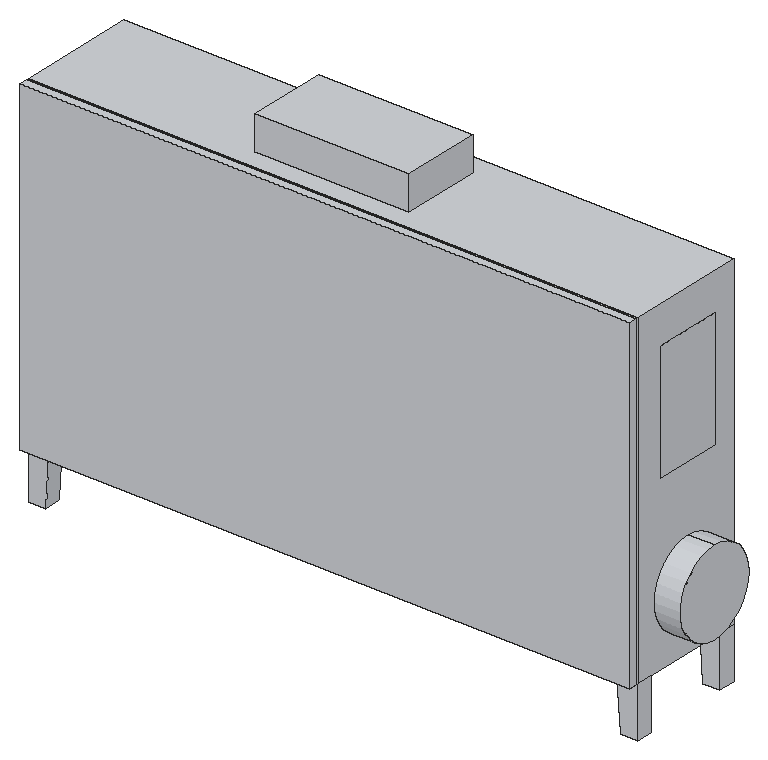
Revit family "AHU 2 _2", category Mechanické zařízení, Revit 2018
Family settings
  Kóta kulaté spojky = Použít průměr
  Typ dílu = Normální
  Číslo OmniClass = 23.75.00.00
  Nadpis OmniClass = Climate Control (HVAC)
  Založené na pracovní rovině = Ne
  Vždy vertikální = Ano
  Ořezat dutým tvarem při načtení = Ne
  Sdílené = Ne
  Bod výpočtu místnosti = Ne
Parameters (values of type "DUPLEXVENT 800 Multi Eco")
  Width [instance] = 0.384 mm
  Weight [instance] = 114.00 kg
  URL = ""
  Type [instance] = "DUPLEXVENT 800 Multi Eco"
  Total_SFP [instance] = 0
  Supply_outlet_hum [instance] = 90
  Supply_inlet_hum [instance] = 90
  Supply_ext_pressure [instance] = 0.0 Pa
  Supply_SFP [instance] = 0
  Source_adu_file [instance] = ""
  Recuperation_type [instance] = "Plate heat recovery exchanger"
  Recuperation_efficiency_EN308 [instance] = 0
  Project_name [instance] = ""
  Project_date [instance] = "10.8.2023"
  Power_supply_fusing [instance] = "0"
  Power_supply_cable [instance] = "0"
  Position [instance] = "AHU 2 "
  Phases_count [instance] = 1
  Panel_thickness [instance] = 0.06 mm
  Outer_surface [instance] = "RAL 9002"
  Length [instance] = 1.8 mm
  Insulation_type [instance] = "PUR"
  Insulation_thickness [instance] = 0.05 mm
  Installation_environment [instance] = ""
  Input_power_max [instance] = 770 W
  Inner_surface [instance] = "Pozink"
  I2 [instance] = I1  # 0.0 L/s
  Height [instance] = 0.97 mm
  Exhaust_outlet_hum [instance] = 40
  Exhaust_inlet_hum [instance] = 40
  Exhaust_ext_pressure [instance] = 0.0 Pa
  Exhaust_SFP [instance] = 0
  E1 [instance] = E2 - M1  # 0.0 L/s
  E2 [instance] = 0.0 L/s
  I1 [instance] = 0.0 L/s
  Description = ""
  M1 [instance] = 0.0 L/s
  Device_dutypoint_version [instance] = "0"
  Device_design_version [instance] = "9"
  Device_adu_id [instance] = "2"
  Current_max [instance] = 5 A
  Casing_mat [instance] = "painted zinc layer"
  Cable type [instance] = "CYKY 3Jx2,5"
Reference planes
  plane 1 "Střed (vpředu/vzadu)": y = 0
  plane 2 "ref": z = 0
  plane 3 "Střed (vlevo/vpravo)": x = 0
Forms (mm)
  Sweep 1, solid
    path origin (0, 0, 0) x (0, 0, 1) y (1, 0, 0)
      loop
        line (0, 0) -> (970, 0)
    profile origin (0, 0, 0) x (1, 0, 0) y (0, 1, 0)
      loop
        line (0, 0) -> (1800, 0) -> (1800, 354) -> (0, 354) -> (0, 0)
  Sweep 2, solid
    path origin (0, 0, 0) x (0, 0, 1) y (1, 0, 0)
      loop
        line (0, 0) -> (970, 0)
    profile origin (0, 0, 0) x (1, 0, 0) y (0, 1, 0)
      loop
        line (0, 0) -> (0, -30) -> (1800, -30) -> (1800, 0) -> (0, 0)
  Sweep 3, solid
    path origin (0, 184, 190) x (0, 0, -1) y (1, 0, 0)
      loop
        line (0, 0) -> (0, -60)
    profile origin (0, 184, 190) x (0, 0, -1) y (0, -1, 0)
      loop
        circle (0, 0) r 125
  Sweep 4, solid
    path origin (1799, 184, 684) x (1, 0, 0) y (0, 1, 0)
      loop
        line (0, 0) -> (1, 0)
    profile origin (1799, 184, 684) x (0, 1, 0) y (0, 0, 1)
      loop
        line (-100, 175) -> (-100, -175) -> (100, -175) -> (100, 175) -> (-100, 175)
  Sweep 5, solid
    path origin (1800, 184, 190) x (0, 0, -1) y (1, 0, 0)
      loop
        line (0, 0) -> (0, 80)
    profile origin (1800, 184, 190) x (0, 0, 1) y (0, -1, 0)
      loop
        circle (0, 0) r 125
  Sweep 6, solid
    path origin (1, 184, 664) x (0, 1, 0) y (-1, 0, 0)
      loop
        line (0, 0) -> (0, 1)
    profile origin (1, 184, 664) x (0, -1, 0) y (0, 0, 1)
      loop
        line (-100, -175) -> (100, -175) -> (100, 175) -> (-100, 175) -> (-100, -175)
  Sweep 7, solid
    path origin (537, 308, 0) x (0, -1, 0) y (0, 0, 1)
      loop
        line (0, 0) -> (0, -50)
    profile origin (537, 308, 0) x (-1, 0, 0) y (0, -1, 0)
      loop
        circle (0, 0) r 16
  Sweep 8, solid
    path origin (0, 0, 0) x (0, 0, 1) y (1, 0, 0)
      loop
        line (0, 0) -> (970, 0)
    profile origin (0, 0, 0) x (1, 0, 0) y (0, 1, 0)
      loop
        line (0, -30) -> (1800, -30) -> (1800, -5) -> (0, -5) -> (0, -30)
  Sweep 9, solid
    path origin (25, 50, 0) x (1, 0, 0) y (0, 1, 0)
      loop
        line (0, 0) -> (0, -50)
    profile origin (25, 50, 0) x (1, 0, 0) y (0, 0, 1)
      loop
        line (-25, 0) -> (-25, -150) -> (25, -150) -> (35, 0) -> (-25, 0)
  Sweep 10, solid
    path origin (1775, 50, 0) x (1, 0, 0) y (0, 1, 0)
      loop
        line (0, 0) -> (0, -50)
    profile origin (1775, 50, 0) x (1, 0, 0) y (0, 0, 1)
      loop
        line (-35, 0) -> (-25, -150) -> (25, -150) -> (25, 0) -> (-35, 0)
  Sweep 11, solid
    path origin (25, 354, 0) x (1, 0, 0) y (0, 1, 0)
      loop
        line (0, 0) -> (0, -50)
    profile origin (25, 354, 0) x (1, 0, 0) y (0, 0, 1)
      loop
        line (-25, 0) -> (-25, -150) -> (25, -150) -> (35, 0) -> (-25, 0)
  Sweep 12, solid
    path origin (1775, 354, 0) x (1, 0, 0) y (0, 1, 0)
      loop
        line (0, 0) -> (0, -50)
    profile origin (1775, 354, 0) x (1, 0, 0) y (0, 0, 1)
      loop
        line (-35, 0) -> (-25, -150) -> (25, -150) -> (25, 0) -> (-35, 0)
  Sweep 13, solid
    path origin (0, 0, 970) x (0, 0, 1) y (1, 0, 0)
      loop
        line (0, 0) -> (100, 0)
    profile origin (0, 0, 970) x (1, 0, 0) y (0, 1, 0)
      loop
        line (623, 59) -> (1077, 59) -> (1077, 294) -> (623, 294) -> (623, 59)
  Sweep 14, solid
    path origin (623, 177, 1020) x (0, 0, -1) y (1, 0, 0)
      loop
        line (0, 0) -> (0, -1)
    profile origin (623, 177, 1020) x (0, 0, -1) y (0, -1, 0)
      loop
        circle (0, 0) r 10
Lines and regions (mm)
  model lines, style "Symbol"
    curve 1: line (738, -30, 0) -> (738, -30, 194)
    curve 2: line (738, -30, 970) -> (738, -30, 776)
    curve 3: line (0, -30, 485) -> (447, -30, 485)
    curve 4: line (1800, -30, 485) -> (1029, -30, 485)
    curve 5: line (447, -30, 485) -> (593, -30, 776)
    curve 6: line (593, -30, 776) -> (883, -30, 776)
    curve 7: line (883, -30, 776) -> (1029, -30, 485)
    curve 8: line (1029, -30, 485) -> (883, -30, 194)
    curve 9: line (883, -30, 194) -> (738, -30, 194)
    curve 10: line (738, -30, 194) -> (593, -30, 194)
    curve 11: line (593, -30, 194) -> (447, -30, 485)
    curve 12: line (1587, -30, 797) -> (1742, -30, 770)
    curve 13: line (1587, -30, 658) -> (1742, -30, 685)
    curve 14: line (213, -30, 658) -> (58, -30, 685)
    curve 15: line (213, -30, 797) -> (58, -30, 770)
    curve 16: line (36, -30, 97) -> (36, -30, 388)
    curve 17: line (36, -30, 388) -> (144, -30, 388)
    curve 18: line (144, -30, 388) -> (144, -30, 97)
    curve 19: line (144, -30, 97) -> (36, -30, 97)
    curve 20: line (90, -30, 97) -> (144, -30, 242)
    curve 21: line (90, -30, 388) -> (144, -30, 242)
    curve 22: line (1764, -30, 388) -> (1764, -30, 97)
    curve 23: line (1764, -30, 97) -> (1656, -30, 97)
    curve 24: line (1656, -30, 97) -> (1656, -30, 388)
    curve 25: line (1656, -30, 388) -> (1764, -30, 388)
    curve 26: line (1710, -30, 388) -> (1656, -30, 242)
    curve 27: line (1710, -30, 97) -> (1656, -30, 242)
    curve 28: line (540, -30, 170) -> (408, -30, 429)
    curve 29: line (408, -30, 429) -> (451, -30, 451)
    curve 30: line (451, -30, 451) -> (583, -30, 192)
    curve 31: line (583, -30, 192) -> (540, -30, 170)
    curve 32: line (461, -30, 336) -> (478, -30, 388)
    curve 33: line (513, -30, 232) -> (530, -30, 285)
    curve 34: line (0, -930, 0) -> (0, -30, 0)
    curve 35: line (1800, -930, 0) -> (1800, -30, 0)
    curve 36: line (0, -930, 0) -> (1800, -930, 0)
    curve 37: line (0, -930, 970) -> (0, -30, 970)
    curve 38: line (1800, -930, 970) -> (1800, -30, 970)
    curve 39: line (0, -930, 970) -> (1800, -930, 970)
    curve 40: line (0, -930, 0) -> (0, -930, 970)
    curve 41: line (1800, -930, 0) -> (1800, -930, 970)
    curve 42: line (0, -930, 770) -> (200, -930, 970)
    curve 43: line (0, -930, 570) -> (400, -930, 970)
    curve 44: line (0, -930, 370) -> (600, -930, 970)
    curve 45: line (0, -930, 170) -> (800, -930, 970)
    curve 46: line (30, -930, 0) -> (1000, -930, 970)
    curve 47: line (230, -930, 0) -> (1200, -930, 970)
    curve 48: line (430, -930, 0) -> (1400, -930, 970)
    curve 49: line (630, -930, 0) -> (1600, -930, 970)
    curve 50: line (830, -930, 0) -> (1800, -930, 970)
    curve 51: line (1030, -930, 0) -> (1800, -930, 770)
    curve 52: line (1230, -930, 0) -> (1800, -930, 570)
    curve 53: line (1430, -930, 0) -> (1800, -930, 370)
    curve 54: line (1630, -930, 0) -> (1800, -930, 170)
    curve 55: line (1800, -930, 770) -> (1800, -730, 970)
    curve 56: line (1800, -930, 570) -> (1800, -530, 970)
    curve 57: line (1800, -930, 370) -> (1800, -330, 970)
    curve 58: line (1800, -930, 170) -> (1800, -130, 970)
    curve 59: line (1800, -900, 0) -> (1800, -30, 870)
    curve 60: line (1800, -700, 0) -> (1800, -30, 670)
    curve 61: line (1800, -500, 0) -> (1800, -30, 470)
    curve 62: line (1800, -300, 0) -> (1800, -30, 270)
    curve 63: line (1800, -100, 0) -> (1800, -30, 70)
    curve 64: line (0, -730, 970) -> (200, -930, 970)
    curve 65: line (0, -530, 970) -> (400, -930, 970)
    curve 66: line (0, -330, 970) -> (600, -930, 970)
    curve 67: line (0, -130, 970) -> (800, -930, 970)
    curve 68: line (100, -30, 970) -> (1000, -930, 970)
    curve 69: line (300, -30, 970) -> (1200, -930, 970)
    curve 70: line (500, -30, 970) -> (1400, -930, 970)
    curve 71: line (700, -30, 970) -> (1600, -930, 970)
    curve 72: line (900, -30, 970) -> (1800, -930, 970)
    curve 73: line (1100, -30, 970) -> (1800, -730, 970)
    curve 74: line (1300, -30, 970) -> (1800, -530, 970)
    curve 75: line (1500, -30, 970) -> (1800, -330, 970)
    curve 76: line (1700, -30, 970) -> (1800, -130, 970)
    curve 77: line (0, 0, 1710) -> (0, 0, 970)
    curve 78: line (1800, 0, 1710) -> (1800, 0, 970)
    curve 79: line (0, 0, 1710) -> (1800, 0, 1710)
    curve 80: line (0, 354, 1710) -> (0, 354, 970)
    curve 81: line (1800, 354, 1710) -> (1800, 354, 970)
    curve 82: line (0, 354, 1710) -> (1800, 354, 1710)
    curve 83: line (0, 0, 1710) -> (0, 354, 1710)
    curve 84: line (1800, 0, 1710) -> (1800, 354, 1710)
    curve 85: line (0, 154, 1710) -> (200, 354, 1710)
    curve 86: line (46, 0, 1710) -> (400, 354, 1710)
    curve 87: line (246, 0, 1710) -> (600, 354, 1710)
    curve 88: line (446, 0, 1710) -> (800, 354, 1710)
    curve 89: line (646, 0, 1710) -> (1000, 354, 1710)
    curve 90: line (846, 0, 1710) -> (1200, 354, 1710)
    curve 91: line (1046, 0, 1710) -> (1400, 354, 1710)
    curve 92: line (1246, 0, 1710) -> (1600, 354, 1710)
    curve 93: line (1446, 0, 1710) -> (1800, 354, 1710)
    curve 94: line (1646, 0, 1710) -> (1800, 154, 1710)
    curve 95: line (1800, 154, 1710) -> (1800, 354, 1510)
    curve 96: line (1800, 0, 1664) -> (1800, 354, 1310)
    curve 97: line (1800, 0, 1464) -> (1800, 354, 1110)
    curve 98: line (1800, 0, 1264) -> (1800, 294, 970)
    curve 99: line (1800, 0, 1064) -> (1800, 94, 970)
    curve 100: line (0, 354, 1510) -> (200, 354, 1710)
    curve 101: line (0, 354, 1310) -> (400, 354, 1710)
    curve 102: line (0, 354, 1110) -> (600, 354, 1710)
    curve 103: line (60, 354, 970) -> (800, 354, 1710)
    curve 104: line (260, 354, 970) -> (1000, 354, 1710)
    curve 105: line (460, 354, 970) -> (1200, 354, 1710)
    curve 106: line (660, 354, 970) -> (1400, 354, 1710)
    curve 107: line (860, 354, 970) -> (1600, 354, 1710)
    curve 108: line (1060, 354, 970) -> (1800, 354, 1710)
    curve 109: line (1260, 354, 970) -> (1800, 354, 1510)
    curve 110: line (1460, 354, 970) -> (1800, 354, 1310)
    curve 111: line (1660, 354, 970) -> (1800, 354, 1110)
    curve 112: line (0, 354, -150) -> (0, 354, 0)
    curve 113: line (1800, 354, -150) -> (1800, 354, 0)
    curve 114: line (0, 354, -150) -> (1800, 354, -150)
    curve 115: line (0, 0, -150) -> (0, 0, 0)
    curve 116: line (1800, 0, -150) -> (1800, 0, 0)
    curve 117: line (0, 0, -150) -> (1800, 0, -150)
    curve 118: line (0, 354, -150) -> (0, 0, -150)
    curve 119: line (1800, 354, -150) -> (1800, 0, -150)
    curve 120: line (0, 200, -150) -> (200, 0, -150)
    curve 121: line (46, 354, -150) -> (400, 0, -150)
    curve 122: line (246, 354, -150) -> (600, 0, -150)
    curve 123: line (446, 354, -150) -> (800, 0, -150)
    curve 124: line (646, 354, -150) -> (1000, 0, -150)
    curve 125: line (846, 354, -150) -> (1200, 0, -150)
    curve 126: line (1046, 354, -150) -> (1400, 0, -150)
    curve 127: line (1246, 354, -150) -> (1600, 0, -150)
    curve 128: line (1446, 354, -150) -> (1800, 0, -150)
    curve 129: line (1646, 354, -150) -> (1800, 200, -150)
    curve 130: line (1800, 200, -150) -> (1800, 50, 0)
    curve 131: line (1800, 354, -104) -> (1800, 250, 0)
    curve 132: line (50, 0, 0) -> (200, 0, -150)
    curve 133: line (250, 0, 0) -> (400, 0, -150)
    curve 134: line (450, 0, 0) -> (600, 0, -150)
    curve 135: line (650, 0, 0) -> (800, 0, -150)
    curve 136: line (850, 0, 0) -> (1000, 0, -150)
    curve 137: line (1050, 0, 0) -> (1200, 0, -150)
    curve 138: line (1250, 0, 0) -> (1400, 0, -150)
    curve 139: line (1450, 0, 0) -> (1600, 0, -150)
    curve 140: line (1650, 0, 0) -> (1800, 0, -150)
    curve 141: line (0, -30, 0) -> (0, -30, 970)
    curve 142: line (0, -30, 970) -> (860, -30, 970)
    curve 143: line (860, -30, 970) -> (860, -30, 0)
    curve 144: line (860, -30, 0) -> (0, -30, 0)
    curve 145: line (940, -30, 0) -> (940, -30, 970)
    curve 146: line (940, -30, 970) -> (1800, -30, 970)
    curve 147: line (1800, -30, 970) -> (1800, -30, 0)
    curve 148: line (1800, -30, 0) -> (940, -30, 0)
    curve 149: line (0, -30, 0) -> (1800, -30, 0)
    curve 150: line (0, -30, 970) -> (1800, -30, 970)
    curve 151: line (0, -30, 0) -> (0, -30, 970)
    curve 152: line (1800, -30, 0) -> (1800, -30, 970)
    curve 153: line (0, -30, 0) -> (0, -5, 0)
    curve 154: line (1800, -30, 0) -> (1800, -5, 0)
    curve 155: line (0, -30, 970) -> (0, -5, 970)
    curve 156: line (1800, -30, 970) -> (1800, -5, 970)
    curve 157: circle (1655, -30, 728) r 97 normal (0, -1, 0)
    curve 158: circle (145, -30, 728) r 97 normal (0, -1, 0)
    curve 159: circle (469, -30, 362) r 7 normal (0, -1, 0)
    curve 160: circle (522, -30, 259) r 7 normal (0, -1, 0)
Dimensions and locks
  aligned and locked: level to plane 2 "ref"
Connectors
  hvac at (-60, 184, 190), driven by "E1"
    settings: on Sweep 3, index 1, duct flow 0.0 L/s, flow factor 0, pres drop 0.0 Pa, loss coef 0, conn angle 0.00°, conn width 304.8 mm, conn height 304.8 mm, conn diameter 250 mm, duct sys type 1, conn prof type 0, flow config 1, flow direction 1, loss method 0, conn ref index -1, conn util no, is conn primary yes, conn desc ""
  hvac at (1800, 184, 684), driven by "E2"
    settings: on Sweep 4, index 2, duct flow 0.0 L/s, flow factor 1, pres drop 0.0 Pa, loss coef 0, conn angle 0.00°, conn width 200 mm, conn height 350 mm, conn diameter 609.6 mm, duct sys type 1, conn prof type 1, flow config 2, flow direction 2, loss method 0, conn ref index -1, conn util no, is conn primary no, conn desc ""
  hvac at (1880, 184, 190), driven by "I1"
    settings: on Sweep 5, index 3, duct flow 0.0 L/s, flow factor 1, pres drop 0.0 Pa, loss coef 0, conn angle 0.00°, conn width 304.8 mm, conn height 304.8 mm, conn diameter 250 mm, duct sys type 3, conn prof type 0, flow config 2, flow direction 1, loss method 0, conn ref index -1, conn util no, is conn primary no, conn desc ""
  hvac at (0, 184, 664), driven by "I2"
    settings: on Sweep 6, index 4, duct flow 0.0 L/s, flow factor 0, pres drop 0.0 Pa, loss coef 0, conn angle 0.00°, conn width 200 mm, conn height 350 mm, conn diameter 609.6 mm, duct sys type 3, conn prof type 1, flow config 1, flow direction 2, loss method 0, conn ref index -1, conn util no, is conn primary no, conn desc ""
  piping at (537, 308, -50), diameter 22
    settings: on Sweep 7, index 5, connector inside diameter 609.6 mm, connector length 0 mm, flow factor 0, pipe flow 0.0 L/s, pressure drop 0.0 Pa, fitting loss kfactor 0, connector angle 0.00°, fixture units 0, engagement length 0 mm, angle of deflection 0.00°, flow configuration 1, flow direction 2, fitting loss method 0, system type 16, joint type 0, gender type 0, connector reference index -1, connector utility 0, adjustable connector no, is connector primary yes, connector description ""
  electrical at (622, 177, 1020)
    settings: on Sweep 14, index 6, voltage 230 V, apparent load 0 VA, apparent load phase1 0 VA, apparent load phase2 0 VA, apparent load phase3 0 VA, power factor 1, load classification "Další", number of poles 1, system type 31, power factor state 1, is connector primary yes, connector utility no, sub classification motor no, connector description ""
